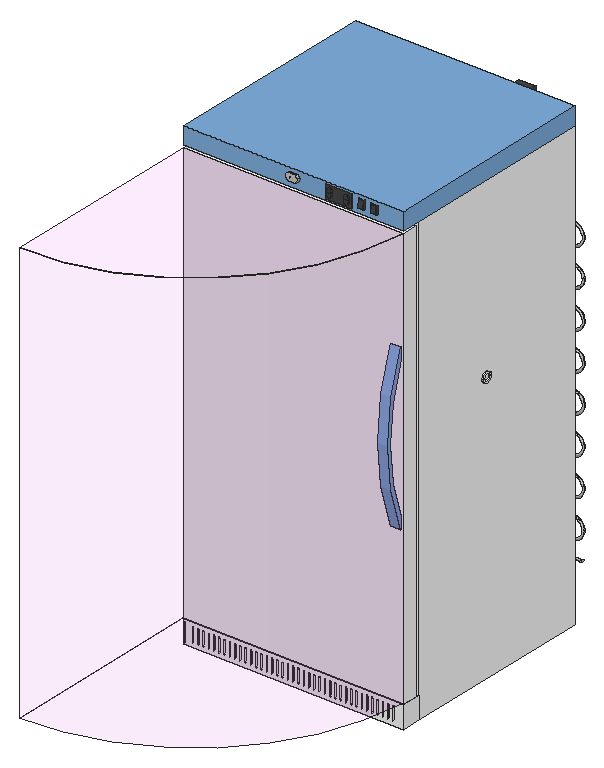
Revit family "QF_Summit_ARS8PV_Pharma_Vac_All_Refrigerator", category Specialty Equipment, Revit 2020
Family settings
  Round Connector Dimension = Use Diameter
  Part Type = Normal
  Work Plane-Based = No
  Always vertical = Yes
  Cut with Voids When Loaded = No
  Shared = No
  Room Calculation Point = No
Parameters
  Weight in Pounds = 161
  Watts = if(Phase = 3, Volts * FL Amps * 1.73, Volts * FL Amps)  # 161 W
  Volts = 115 V
  Ventilation Remarks = ""
  URL Cutsheet = ""
  Specification by User = ""
  Specification by Manufacturer = ""
  Show RHD [instance] = yes
  Show LHD [instance] = not(Show RHD)  # no
  Show Clearance [instance] = yes
  Serial Number = ""
  Seismic Rating = ""
  SMACNA No = ""
  Revision Code = ""
  Refrigerant Volume = 0.00 kip
  Refrigerant Type = "R600a"
  Phase = 1
  Number of Poles = 1
  NAFEM Spec ID Number = ""
  Model = "ARS8PV"
  Min Ckt Ampacity = 0 A
  Max Overcurrent Protection = 0 A
  Masterspec = ""
  Manufacturer = "Summit"
  Length = 23 3/8"
  Item Number = ""
  Installed By = ""
  Identify Quantity as Lot = yes
  Height = 50"
  HP = ""
  Furnished By = ""
  Foodservice Equipment Identifier = yes
  FL Amps = 1.4 A
  Electrical Remarks = ""
  Electric Connection Type = ""
  Elec Conn RI Height = 0"
  Elec Conn Connection Height = 0"
  Description = "Pharma-Vac All-Refrigerator"
  Depth = 24 3/8"
  Default Elevation = 0"
  Cycle = 60 Hz
  Conn Plug = ""
  Conn Conduit = yes
  CSI MasterFormat = ""
  Base Height [instance] = 1/2"
  BTUH = 0.0 Btu/h
  Apparent Power = if(Phase = 3, Volts * FL Amps * 1.73, Volts * FL Amps)  # 161 VA
Reference planes (in)
  plane 1 "BACK": y = 0
  plane 2: z = 0
  plane 3 "LEFT": x = 0
  plane 4 "RIGHT": x = 23.375
  plane 5 "FRONT": y = -24.375
  plane 6 "TOP": z = 50
  plane 7 "Center Y": x = 11.6875
  plane 8 "Center X": y = -12.1875
  plane 9 "Base Height": z = 0.5
  plane 10: y = -46.5
  plane 11: z = 48.125
  plane 12: y = -1.5
  plane 13: y = -22.25
  plane 14: y = -26.125
  plane 15: z = 38
  plane 16: x = 0.2118
  plane 17: x = 23.07085
Forms (in)
  Extrusion 1, solid, material "QF_Plastic_White_Smooth"
    sketch origin (0, 0, 0.5) x (-1, 0, 0) y (0, -1, 0)
      loop
        line (0, 1.5) -> (0, 22.25) -> (-23.375, 22.25) -> (-23.375, 1.5) -> (0, 1.5)
    from 0 to 47.625
  Extrusion 2, solid, material "QF_Plastic_Light_Blue_Smooth"
    sketch origin (0, 0, 48.125) x (-1, 0, 0) y (0, -1, 0)
      loop
        line (0, 1.5) -> (0, 24.375) -> (-23.375, 24.375) -> (-23.375, 1.5) -> (0, 1.5)
    from 0 to 1.875
  Extrusion 3, solid, material "QF_Rubber - Black - Smooth"
    sketch origin (23.375, -22.25, 0.5) x (-1, 0, 0) y (0, 0, -1)
      loop
        line (0.5, -46.625) -> (22.875, -46.625) -> (22.875, -3) -> (0.5, -3) -> (0.5, -46.625)
    from 0 to 0.5
  Extrusion 4, solid, material "QF_Plastic_White_Smooth"
    sketch origin (23.375, -22.75, 0.5) x (-1, 0, 0) y (0, 0, -1)
      loop
        line (0, -47.375) -> (23.375, -47.375) -> (23.375, -2.5) -> (0, -2.5) -> (0, -47.375)
    from 0 to 1.625
  Extrusion 5, solid, material "QF_Rubber - Black - Smooth"
    sketch origin (0, -1.5, 0.5) x (1, 0, 0) y (0, 0, -1)
      loop
        circle (20.85407, -2.95918) r 0.25
    from 0 to 0.0625
  Revolve 6, solid, material "QF_Rubber - Black - Smooth"
    sketch origin (0, -3, 0) x (1, 0, 0) y (0, 0, 1)
      loop
        line (21.875, 0.5) -> (21.59375, 0.5) -> (21.59375, 0.375) -> (21.125, 0.375) -> (21.125, 0) -> (21.875, 0) -> (21.875, 0.5)
      axis (21.875, 0) -> (21.875, 0.5)
    angle from 0 to 360
  Revolve 7, solid, material "QF_Rubber - Black - Smooth"
    sketch origin (-14.5, -3, 0) x (1, 0, 0) y (0, 0, 1)
      loop
        line (16, 0.5) -> (15.71875, 0.5) -> (15.71875, 0.375) -> (15.25, 0.375) -> (15.25, 0) -> (16, 0) -> (16, 0.5)
      axis (16, 0) -> (16, 0.5)
    angle from 0 to 360
  Revolve 8, solid, material "QF_Rubber - Black - Smooth"
    sketch origin (0, -20.75, 0) x (1, 0, 0) y (0, 0, 1)
      loop
        line (21.875, 0.5) -> (21.59375, 0.5) -> (21.59375, 0.375) -> (21.125, 0.375) -> (21.125, 0) -> (21.875, 0) -> (21.875, 0.5)
      axis (21.875, 0) -> (21.875, 0.5)
    angle from 0 to 360
  Revolve 9, solid, material "QF_Rubber - Black - Smooth"
    sketch origin (-14.5, -20.75, 0) x (1, 0, 0) y (0, 0, 1)
      loop
        line (16, 0.5) -> (15.71875, 0.5) -> (15.71875, 0.375) -> (15.25, 0.375) -> (15.25, 0) -> (16, 0) -> (16, 0.5)
      axis (16, 0) -> (16, 0.5)
    angle from 0 to 360
  Extrusion 10, solid, material "QF_Metal_Black"
    sketch origin (23.375, -24.375, 48.125) x (-1, 0, 0) y (0, 0, -1)
      loop
        line (8.25, -1.625) -> (8.25, -0.25) -> (5.49196, -0.25) -> (5.49196, -1.625) -> (8.25, -1.625)
      loop
        line (4.75, -1.5) -> (4.75, -0.625) -> (4.125, -0.625) -> (4.125, -1.5) -> (4.75, -1.5)
      loop
        line (3.375, -0.625) -> (2.75, -0.625) -> (2.75, -1.5) -> (3.375, -1.5) -> (3.375, -0.625)
    from 0 to 0.0625
  Extrusion 11, solid, material "QF_Metal_Black"
    sketch origin (23.375, -24.4375, 48.125) x (-1, 0, 0) y (0, 0, -1)
      loop
        line (7.52932, -1.00134) -> (7.52932, -1.17236)
        arc (7.52932, -1.17236) -> (7.77932, -1.42236) -> (8.02932, -1.17236) r 0.25
        line (8.02932, -1.17236) -> (8.02932, -1.00134) -> (7.52932, -1.00134)
      loop
        line (6.21264, -1.00134) -> (5.71264, -1.00134) -> (5.71264, -1.17236)
        arc (5.71264, -1.17236) -> (5.96264, -1.42236) -> (6.21264, -1.17236) r 0.25
        line (6.21264, -1.17236) -> (6.21264, -1.00134)
    from 0 to 0.125
  Extrusion 12, solid, material "QF_Metal_Black"
    sketch origin (23.375, -24.4375, 48.125) x (-1, 0, 0) y (0, 0, -1)
      loop
        line (8.02932, -0.97188) -> (8.02932, -0.80086)
        arc (8.02932, -0.80086) -> (7.77932, -0.55086) -> (7.52932, -0.80086) r 0.25
        line (7.52932, -0.80086) -> (7.52932, -0.97188) -> (8.02932, -0.97188)
      loop
        line (6.21264, -0.97188) -> (6.21264, -0.80086)
        arc (6.21264, -0.80086) -> (5.96264, -0.55086) -> (5.71264, -0.80086) r 0.25
        line (5.71264, -0.80086) -> (5.71264, -0.97188) -> (6.21264, -0.97188)
    from 0 to 0.125
  Extrusion 13, solid, material "QF_Metal_Black"
    sketch origin (19.25, -24.375, 49.625) x (0, 0, -1) y (0, 1, 0)
      loop
        line (0.0625, -0.0625) -> (0.0625, -0.09634) -> (0.8125, -0.21513) -> (0.8125, -0.0625) -> (0.0625, -0.0625)
    from -0.5625 to -0.0625
  Extrusion 14, solid, material "QF_Metal_Black"
    sketch origin (20.625, -24.375, 49.625) x (0, 0, -1) y (0, 1, 0)
      loop
        line (0.0625, -0.09634) -> (0.8125, -0.21513) -> (0.8125, -0.0625) -> (0.0625, -0.0625) -> (0.0625, -0.09634)
    from -0.5625 to -0.0625
  Extrusion 15, solid, material "QF_Metal - Stainless - Polished"
    sketch origin (20.90447, -24.375, 48.125) x (-1, 0, 0) y (0, 0, -1)
      loop
        arc (8.96647, -0.71354) -> (8.59147, -1.08854) -> (8.96647, -1.46354) r 0.375
        line (8.96647, -1.46354) -> (9.46647, -1.46354)
        arc (9.46647, -1.46354) -> (9.84147, -1.08854) -> (9.46647, -0.71354) r 0.375
        line (9.46647, -0.71354) -> (8.96647, -0.71354)
      loop
        line (9.4034, -1.10322) -> (9.4034, -1.06436) -> (9.03054, -1.06436) -> (9.03054, -1.10322) -> (9.4034, -1.10322)
    from 0 to 0.25
  Extrusion 16, solid, material "QF_Metal_Stainless_Polished"
    sketch origin (-1.2283, -1.5, 0.5) x (1, 0, 0) y (0, 0, -1)
      loop
        circle (22.78573, -36.99931) r 0.25
      loop
        circle (3.11294, -36.99931) r 0.25
      loop
        circle (22.78573, -24.99931) r 0.25
      loop
        circle (3.11294, -24.99931) r 0.25
      loop
        circle (22.78573, -6.74931) r 0.25
      loop
        circle (3.11294, -6.74931) r 0.25
    from 0 to 1.5
  Sweep 17, solid, material "QF_Metal_Stainless_Polished"
    path origin (-0.125, 0, 0) x (1, 0, 0) y (0, 0, 1)
      loop
        line (0.32085, 37.76475) -> (22.17976, 37.76475)
        arc (22.17976, 37.76475) -> (23.17976, 36.76475) -> (22.17976, 35.76475) r 1
        line (22.17976, 35.76475) -> (1.34954, 35.76475)
        arc (1.34954, 35.76475) -> (0.34954, 34.76475) -> (1.34954, 33.76475) r 1
        line (1.34954, 33.76475) -> (22.17776, 33.76475)
        arc (22.17776, 33.76475) -> (23.17776, 32.76475) -> (22.17776, 31.76475) r 1
        line (22.17776, 31.76475) -> (1.39695, 31.76475)
        arc (1.39695, 31.76475) -> (0.39695, 30.76475) -> (1.39695, 29.76475) r 1
        line (1.39695, 29.76475) -> (22.19585, 29.76475)
        arc (22.19585, 29.76475) -> (23.19585, 28.76475) -> (22.19585, 27.76475) r 1
        line (22.19585, 27.76475) -> (1.3368, 27.76475)
        arc (1.3368, 27.76475) -> (0.3368, 26.76475) -> (1.3368, 25.76475) r 1
        line (1.3368, 25.76475) -> (22.19548, 25.76475)
        arc (22.19548, 25.76475) -> (23.19548, 24.76475) -> (22.19548, 23.76475) r 1
        line (22.19548, 23.76475) -> (1.33704, 23.76475)
        arc (1.33704, 23.76475) -> (0.33704, 22.76475) -> (1.33704, 21.76475) r 1
        line (1.33704, 21.76475) -> (22.19629, 21.76475)
        arc (22.19629, 21.76475) -> (23.19629, 20.76475) -> (22.19629, 19.76475) r 1
        line (22.19629, 19.76475) -> (1.33589, 19.76475)
        arc (1.33589, 19.76475) -> (0.33589, 18.76475) -> (1.33589, 17.76475) r 1
        line (1.33589, 17.76475) -> (22.1852, 17.76475)
        arc (22.1852, 17.76475) -> (23.1852, 16.76475) -> (22.1852, 15.76475) r 1
        line (22.1852, 15.76475) -> (1.33204, 15.76475)
        arc (1.33204, 15.76475) -> (0.33204, 14.76475) -> (1.33204, 13.76475) r 1
        line (1.33204, 13.76475) -> (22.17917, 13.76475)
        arc (22.17917, 13.76475) -> (23.17917, 12.76475) -> (22.17917, 11.76475) r 1
        line (22.17917, 11.76475) -> (1.3323, 11.76475)
        arc (1.3323, 11.76475) -> (0.3323, 10.76475) -> (1.3323, 9.76475) r 1
        line (1.3323, 9.76475) -> (22.16184, 9.76475)
        arc (22.16184, 9.76475) -> (23.16184, 8.76475) -> (22.16184, 7.76475) r 1
        line (22.16184, 7.76475) -> (1.36686, 7.76475)
        arc (1.36686, 7.76475) -> (0.36686, 6.76475) -> (1.36686, 5.76475) r 1
        line (1.36686, 5.76475) -> (23.19494, 5.76475)
    profile origin (11.6714, 0, 29.76475) x (0, 0, 1) y (0, -1, 0)
      loop
        circle (0.09375, 0.09375) r 0.09375
  Extrusion 18, solid, material "QF_Plastic_White_Smooth"
    sketch origin (23.375, 4.67912, -15.94653) x (0, -1, 0) y (0, 0, -1)
      loop
        circle (18.17912, -45.44653) r 0.5
      loop
        circle (18.17912, -45.44653) r 0.40625
    from 0 to 0.25
  Extrusion 19, solid, material "QF_Metal_Black"
    sketch origin (0, -1.5, 48.125) x (1, 0, 0) y (0, 0, -1)
      loop
        line (18.375, -1.625) -> (18.375, -0.25) -> (16.625, -0.25) -> (16.625, -1.625) -> (18.375, -1.625)
    from 0 to 0.96936
  Extrusion 20, solid, material "QF_Clearances_Door_Drawer", visible <- "Show LHD"
    sketch origin (0, 0, 0.5) x (-1, 0, 0) y (0, -1, 0)
      loop
        arc (0.00218, 24.375) -> (-7.35816, 39.93424) -> (-23.375, 46.23701) r 23.3767
        line (-23.375, 46.23701) -> (-23.375, 24.375) -> (0.00218, 24.375)
    from 2.5 to 47.375
  Extrusion 21, solid, material "QF_Plastic_White_Smooth"
    sketch origin (23.375, -22.25, 0.5) x (-1, 0, 0) y (0, 0, -1)
      loop
        line (23.375, -2.375) -> (23.375, 0) -> (0, 0) -> (0, -2.375) -> (23.375, -2.375)
      loop
        line (23.3125, -0.0625) -> (0.0625, -0.0625) -> (0.0625, -2.3125) -> (23.3125, -2.3125) -> (23.3125, -0.0625)
    from 0 to 2.125
  Extrusion 22, solid, material "QF_Plastic_White_Smooth"
    sketch origin (23.375, -24.375, 0.5) x (-1, 0, 0) y (0, 0, -1)
      loop
        line (23.375, 0) -> (0, 0) -> (0, -2.375) -> (23.375, -2.375) -> (23.375, 0)
      loop
        arc (22.28125, -1.90625) -> (22.375, -2) -> (22.46875, -1.90625) r 0.09375
        line (22.46875, -1.90625) -> (22.46875, -0.59375)
        arc (22.46875, -0.59375) -> (22.375, -0.5) -> (22.28125, -0.59375) r 0.09375
        line (22.28125, -0.59375) -> (22.28125, -1.90625)
      loop
        arc (21.71875, -1.90625) -> (21.8125, -2) -> (21.90625, -1.90625) r 0.09375
        line (21.90625, -1.90625) -> (21.90625, -0.59375)
        arc (21.90625, -0.59375) -> (21.8125, -0.5) -> (21.71875, -0.59375) r 0.09375
        line (21.71875, -0.59375) -> (21.71875, -1.90625)
      loop
        arc (21.15625, -1.90625) -> (21.25, -2) -> (21.34375, -1.90625) r 0.09375
        line (21.34375, -1.90625) -> (21.34375, -0.59375)
        arc (21.34375, -0.59375) -> (21.25, -0.5) -> (21.15625, -0.59375) r 0.09375
        line (21.15625, -0.59375) -> (21.15625, -1.90625)
      loop
        arc (20.59375, -1.90625) -> (20.6875, -2) -> (20.78125, -1.90625) r 0.09375
        line (20.78125, -1.90625) -> (20.78125, -0.59375)
        arc (20.78125, -0.59375) -> (20.6875, -0.5) -> (20.59375, -0.59375) r 0.09375
        line (20.59375, -0.59375) -> (20.59375, -1.90625)
      loop
        arc (20.03125, -1.90625) -> (20.125, -2) -> (20.21875, -1.90625) r 0.09375
        line (20.21875, -1.90625) -> (20.21875, -0.59375)
        arc (20.21875, -0.59375) -> (20.125, -0.5) -> (20.03125, -0.59375) r 0.09375
        line (20.03125, -0.59375) -> (20.03125, -1.90625)
      loop
        arc (19.46875, -1.90625) -> (19.5625, -2) -> (19.65625, -1.90625) r 0.09375
        line (19.65625, -1.90625) -> (19.65625, -0.59375)
        arc (19.65625, -0.59375) -> (19.5625, -0.5) -> (19.46875, -0.59375) r 0.09375
        line (19.46875, -0.59375) -> (19.46875, -1.90625)
      loop
        arc (18.90625, -1.90625) -> (19, -2) -> (19.09375, -1.90625) r 0.09375
        line (19.09375, -1.90625) -> (19.09375, -0.59375)
        arc (19.09375, -0.59375) -> (19, -0.5) -> (18.90625, -0.59375) r 0.09375
        line (18.90625, -0.59375) -> (18.90625, -1.90625)
      loop
        arc (18.34375, -1.90625) -> (18.4375, -2) -> (18.53125, -1.90625) r 0.09375
        line (18.53125, -1.90625) -> (18.53125, -0.59375)
        arc (18.53125, -0.59375) -> (18.4375, -0.5) -> (18.34375, -0.59375) r 0.09375
        line (18.34375, -0.59375) -> (18.34375, -1.90625)
      loop
        arc (17.78125, -1.90625) -> (17.875, -2) -> (17.96875, -1.90625) r 0.09375
        line (17.96875, -1.90625) -> (17.96875, -0.59375)
        arc (17.96875, -0.59375) -> (17.875, -0.5) -> (17.78125, -0.59375) r 0.09375
        line (17.78125, -0.59375) -> (17.78125, -1.90625)
      loop
        arc (17.21875, -1.90625) -> (17.3125, -2) -> (17.40625, -1.90625) r 0.09375
        line (17.40625, -1.90625) -> (17.40625, -0.59375)
        arc (17.40625, -0.59375) -> (17.3125, -0.5) -> (17.21875, -0.59375) r 0.09375
        line (17.21875, -0.59375) -> (17.21875, -1.90625)
      loop
        arc (16.65625, -1.90625) -> (16.75, -2) -> (16.84375, -1.90625) r 0.09375
        line (16.84375, -1.90625) -> (16.84375, -0.59375)
        arc (16.84375, -0.59375) -> (16.75, -0.5) -> (16.65625, -0.59375) r 0.09375
        line (16.65625, -0.59375) -> (16.65625, -1.90625)
      loop
        arc (16.09375, -1.90625) -> (16.1875, -2) -> (16.28125, -1.90625) r 0.09375
        line (16.28125, -1.90625) -> (16.28125, -0.59375)
        arc (16.28125, -0.59375) -> (16.1875, -0.5) -> (16.09375, -0.59375) r 0.09375
        line (16.09375, -0.59375) -> (16.09375, -1.90625)
      loop
        arc (15.53125, -1.90625) -> (15.625, -2) -> (15.71875, -1.90625) r 0.09375
        line (15.71875, -1.90625) -> (15.71875, -0.59375)
        arc (15.71875, -0.59375) -> (15.625, -0.5) -> (15.53125, -0.59375) r 0.09375
        line (15.53125, -0.59375) -> (15.53125, -1.90625)
      loop
        arc (14.96875, -1.90625) -> (15.0625, -2) -> (15.15625, -1.90625) r 0.09375
        line (15.15625, -1.90625) -> (15.15625, -0.59375)
        arc (15.15625, -0.59375) -> (15.0625, -0.5) -> (14.96875, -0.59375) r 0.09375
        line (14.96875, -0.59375) -> (14.96875, -1.90625)
      loop
        arc (14.40625, -1.90625) -> (14.5, -2) -> (14.59375, -1.90625) r 0.09375
        line (14.59375, -1.90625) -> (14.59375, -0.59375)
        arc (14.59375, -0.59375) -> (14.5, -0.5) -> (14.40625, -0.59375) r 0.09375
        line (14.40625, -0.59375) -> (14.40625, -1.90625)
      loop
        arc (13.84375, -1.90625) -> (13.9375, -2) -> (14.03125, -1.90625) r 0.09375
        line (14.03125, -1.90625) -> (14.03125, -0.59375)
        arc (14.03125, -0.59375) -> (13.9375, -0.5) -> (13.84375, -0.59375) r 0.09375
        line (13.84375, -0.59375) -> (13.84375, -1.90625)
      loop
        arc (13.28125, -1.90625) -> (13.375, -2) -> (13.46875, -1.90625) r 0.09375
        line (13.46875, -1.90625) -> (13.46875, -0.59375)
        arc (13.46875, -0.59375) -> (13.375, -0.5) -> (13.28125, -0.59375) r 0.09375
        line (13.28125, -0.59375) -> (13.28125, -1.90625)
      loop
        arc (12.71875, -1.90625) -> (12.8125, -2) -> (12.90625, -1.90625) r 0.09375
        line (12.90625, -1.90625) -> (12.90625, -0.59375)
        arc (12.90625, -0.59375) -> (12.8125, -0.5) -> (12.71875, -0.59375) r 0.09375
        line (12.71875, -0.59375) -> (12.71875, -1.90625)
      loop
        arc (12.15625, -1.90625) -> (12.25, -2) -> (12.34375, -1.90625) r 0.09375
        line (12.34375, -1.90625) -> (12.34375, -0.59375)
        arc (12.34375, -0.59375) -> (12.25, -0.5) -> (12.15625, -0.59375) r 0.09375
        line (12.15625, -0.59375) -> (12.15625, -1.90625)
      loop
        arc (11.59375, -1.90625) -> (11.6875, -2) -> (11.78125, -1.90625) r 0.09375
        line (11.78125, -1.90625) -> (11.78125, -0.59375)
        arc (11.78125, -0.59375) -> (11.6875, -0.5) -> (11.59375, -0.59375) r 0.09375
        line (11.59375, -0.59375) -> (11.59375, -1.90625)
      loop
        arc (11.03125, -1.90625) -> (11.125, -2) -> (11.21875, -1.90625) r 0.09375
        line (11.21875, -1.90625) -> (11.21875, -0.59375)
        arc (11.21875, -0.59375) -> (11.125, -0.5) -> (11.03125, -0.59375) r 0.09375
        line (11.03125, -0.59375) -> (11.03125, -1.90625)
      loop
        arc (10.46875, -1.90625) -> (10.5625, -2) -> (10.65625, -1.90625) r 0.09375
        line (10.65625, -1.90625) -> (10.65625, -0.59375)
        arc (10.65625, -0.59375) -> (10.5625, -0.5) -> (10.46875, -0.59375) r 0.09375
        line (10.46875, -0.59375) -> (10.46875, -1.90625)
      loop
        arc (9.90625, -1.90625) -> (10, -2) -> (10.09375, -1.90625) r 0.09375
        line (10.09375, -1.90625) -> (10.09375, -0.59375)
        arc (10.09375, -0.59375) -> (10, -0.5) -> (9.90625, -0.59375) r 0.09375
        line (9.90625, -0.59375) -> (9.90625, -1.90625)
      loop
        arc (9.34375, -1.90625) -> (9.4375, -2) -> (9.53125, -1.90625) r 0.09375
        line (9.53125, -1.90625) -> (9.53125, -0.59375)
        arc (9.53125, -0.59375) -> (9.4375, -0.5) -> (9.34375, -0.59375) r 0.09375
        line (9.34375, -0.59375) -> (9.34375, -1.90625)
      loop
        arc (8.78125, -1.90625) -> (8.875, -2) -> (8.96875, -1.90625) r 0.09375
        line (8.96875, -1.90625) -> (8.96875, -0.59375)
        arc (8.96875, -0.59375) -> (8.875, -0.5) -> (8.78125, -0.59375) r 0.09375
        line (8.78125, -0.59375) -> (8.78125, -1.90625)
      loop
        arc (8.21875, -1.90625) -> (8.3125, -2) -> (8.40625, -1.90625) r 0.09375
        line (8.40625, -1.90625) -> (8.40625, -0.59375)
        arc (8.40625, -0.59375) -> (8.3125, -0.5) -> (8.21875, -0.59375) r 0.09375
        line (8.21875, -0.59375) -> (8.21875, -1.90625)
      loop
        arc (7.65625, -1.90625) -> (7.75, -2) -> (7.84375, -1.90625) r 0.09375
        line (7.84375, -1.90625) -> (7.84375, -0.59375)
        arc (7.84375, -0.59375) -> (7.75, -0.5) -> (7.65625, -0.59375) r 0.09375
        line (7.65625, -0.59375) -> (7.65625, -1.90625)
      loop
        arc (7.09375, -1.90625) -> (7.1875, -2) -> (7.28125, -1.90625) r 0.09375
        line (7.28125, -1.90625) -> (7.28125, -0.59375)
        arc (7.28125, -0.59375) -> (7.1875, -0.5) -> (7.09375, -0.59375) r 0.09375
        line (7.09375, -0.59375) -> (7.09375, -1.90625)
      loop
        arc (6.53125, -1.90625) -> (6.625, -2) -> (6.71875, -1.90625) r 0.09375
        line (6.71875, -1.90625) -> (6.71875, -0.59375)
        arc (6.71875, -0.59375) -> (6.625, -0.5) -> (6.53125, -0.59375) r 0.09375
        line (6.53125, -0.59375) -> (6.53125, -1.90625)
      loop
        arc (5.96875, -1.90625) -> (6.0625, -2) -> (6.15625, -1.90625) r 0.09375
        line (6.15625, -1.90625) -> (6.15625, -0.59375)
        arc (6.15625, -0.59375) -> (6.0625, -0.5) -> (5.96875, -0.59375) r 0.09375
        line (5.96875, -0.59375) -> (5.96875, -1.90625)
      loop
        arc (5.40625, -1.90625) -> (5.5, -2) -> (5.59375, -1.90625) r 0.09375
        line (5.59375, -1.90625) -> (5.59375, -0.59375)
        arc (5.59375, -0.59375) -> (5.5, -0.5) -> (5.40625, -0.59375) r 0.09375
        line (5.40625, -0.59375) -> (5.40625, -1.90625)
      loop
        arc (4.84375, -1.90625) -> (4.9375, -2) -> (5.03125, -1.90625) r 0.09375
        line (5.03125, -1.90625) -> (5.03125, -0.59375)
        arc (5.03125, -0.59375) -> (4.9375, -0.5) -> (4.84375, -0.59375) r 0.09375
        line (4.84375, -0.59375) -> (4.84375, -1.90625)
      loop
        arc (4.28125, -1.90625) -> (4.375, -2) -> (4.46875, -1.90625) r 0.09375
        line (4.46875, -1.90625) -> (4.46875, -0.59375)
        arc (4.46875, -0.59375) -> (4.375, -0.5) -> (4.28125, -0.59375) r 0.09375
        line (4.28125, -0.59375) -> (4.28125, -1.90625)
      loop
        arc (3.71875, -1.90625) -> (3.8125, -2) -> (3.90625, -1.90625) r 0.09375
        line (3.90625, -1.90625) -> (3.90625, -0.59375)
        arc (3.90625, -0.59375) -> (3.8125, -0.5) -> (3.71875, -0.59375) r 0.09375
        line (3.71875, -0.59375) -> (3.71875, -1.90625)
      loop
        arc (3.15625, -1.90625) -> (3.25, -2) -> (3.34375, -1.90625) r 0.09375
        line (3.34375, -1.90625) -> (3.34375, -0.59375)
        arc (3.34375, -0.59375) -> (3.25, -0.5) -> (3.15625, -0.59375) r 0.09375
        line (3.15625, -0.59375) -> (3.15625, -1.90625)
      loop
        arc (2.59375, -1.90625) -> (2.6875, -2) -> (2.78125, -1.90625) r 0.09375
        line (2.78125, -1.90625) -> (2.78125, -0.59375)
        arc (2.78125, -0.59375) -> (2.6875, -0.5) -> (2.59375, -0.59375) r 0.09375
        line (2.59375, -0.59375) -> (2.59375, -1.90625)
      loop
        arc (2.03125, -1.90625) -> (2.125, -2) -> (2.21875, -1.90625) r 0.09375
        line (2.21875, -1.90625) -> (2.21875, -0.59375)
        arc (2.21875, -0.59375) -> (2.125, -0.5) -> (2.03125, -0.59375) r 0.09375
        line (2.03125, -0.59375) -> (2.03125, -1.90625)
      loop
        arc (1.46875, -1.90625) -> (1.5625, -2) -> (1.65625, -1.90625) r 0.09375
        line (1.65625, -1.90625) -> (1.65625, -0.59375)
        arc (1.65625, -0.59375) -> (1.5625, -0.5) -> (1.46875, -0.59375) r 0.09375
        line (1.46875, -0.59375) -> (1.46875, -1.90625)
      loop
        arc (0.90625, -1.90625) -> (1, -2) -> (1.09375, -1.90625) r 0.09375
        line (1.09375, -1.90625) -> (1.09375, -0.59375)
        arc (1.09375, -0.59375) -> (1, -0.5) -> (0.90625, -0.59375) r 0.09375
        line (0.90625, -0.59375) -> (0.90625, -1.90625)
    from 0 to -0.0625
  Extrusion 23, solid, material "QF_Plastic_Light_Blue_Smooth", visible <- "Show LHD"
    sketch origin (0, 0, 0) x (0, 1, 0) y (0, 0, 1)
      loop
        arc (-24.375, 37) -> (-26.12501, 28.25) -> (-24.375, 19.5) r 22.74992
        line (-24.375, 19.5) -> (-24.375, 20.75)
        arc (-24.375, 20.75) -> (-25.84013, 28.25) -> (-24.375, 35.75) r 19.92888
        line (-24.375, 35.75) -> (-24.375, 37)
    from 0.24196 to 1.36696
  Extrusion 24, solid, material "QF_Clearances_Door_Drawer", visible <- "Show RHD"
    sketch origin (23.375, 0, 0.5) x (1, 0, 0) y (0, 1, 0)
      loop
        line (0.00218, -24.375) -> (-23.375, -24.375) -> (-23.375, -46.23701)
        arc (-23.375, -46.23701) -> (-7.35816, -39.93424) -> (0.00218, -24.375) r 23.3767
    from 2.5 to 47.375
  Extrusion 25, solid, material "QF_Plastic_Light_Blue_Smooth", visible <- "Show RHD"
    sketch origin (23.375, 0, 0) x (0, 1, 0) y (0, 0, -1)
      loop
        line (-24.375, -37) -> (-24.375, -35.75)
        arc (-24.375, -35.75) -> (-25.84013, -28.25) -> (-24.375, -20.75) r 19.92888
        line (-24.375, -20.75) -> (-24.375, -19.5)
        arc (-24.375, -19.5) -> (-26.12501, -28.25) -> (-24.375, -37) r 22.74992
    from 0.24196 to 1.36696
Cuts and joins
  joined: Extrusion 21, Extrusion 22
Lines and regions (in)
  Split face 1
    outline origin (22.75384, -24.375, 48.2666) x (-1, 0, 0) y (0, 0, -1)
      loop
        arc (21.90161, -0.97896) -> (21.88294, -0.98485) -> (21.87102, -1.00038) r 0.03255
        arc (21.87102, -1.00038) -> (21.85282, -1.02895) -> (21.82424, -1.04716) r 0.07828
        arc (21.82424, -1.04716) -> (21.78646, -1.05382) -> (21.74867, -1.04716) r 0.11047
        arc (21.74867, -1.04716) -> (21.71253, -0.99554) -> (21.74867, -0.94392) r 0.05493
        arc (21.74867, -0.94392) -> (21.80204, -0.92912) -> (21.85706, -0.92285) r 0.35291
        arc (21.85706, -0.92285) -> (21.92454, -0.90912) -> (21.98388, -0.87416) r 0.20863
        arc (21.98388, -0.87416) -> (22.01258, -0.78679) -> (21.98388, -0.69942) r 0.14738
        arc (21.98388, -0.69942) -> (21.93591, -0.66081) -> (21.87512, -0.65099) r 0.12037
        arc (21.87512, -0.65099) -> (21.8027, -0.65589) -> (21.73646, -0.68556) r 0.20635
        arc (21.73646, -0.68556) -> (21.72016, -0.6915) -> (21.70385, -0.68556) r 0.02536
        line (21.70385, -0.68556) -> (21.67733, -0.66331) -> (21.61422, -0.66331)
        arc (21.61422, -0.66331) -> (21.59448, -0.66599) -> (21.57973, -0.67939) r 0.03358
        line (21.57973, -0.67939) -> (21.5891, -0.746) -> (21.5891, -1.0209)
        arc (21.5891, -1.0209) -> (21.61527, -1.079) -> (21.66917, -1.11299) r 0.11051
        arc (21.66917, -1.11299) -> (21.73106, -1.12586) -> (21.7941, -1.13053) r 0.48335
        arc (21.7941, -1.13053) -> (21.84319, -1.12688) -> (21.89101, -1.11517) r 0.29737
        arc (21.89101, -1.11517) -> (21.93423, -1.09385) -> (21.97019, -1.06177) r 0.17873
        line (21.97019, -1.06177) -> (21.99501, -1.00602)
        arc (21.99501, -1.00602) -> (21.99348, -0.98759) -> (21.97713, -0.97896) r 0.01924
        line (21.97713, -0.97896) -> (21.90161, -0.97896)
  Split face 2
    outline origin (23.22273, -24.375, 48.25847) x (-1, 0, 0) y (0, 0, -1)
      loop
        arc (22.21736, -0.87416) -> (22.28071, -0.86077) -> (22.34154, -0.83856) r 0.45683
        arc (22.34154, -0.83856) -> (22.35686, -0.79626) -> (22.34154, -0.75396) r 0.06604
        arc (22.34154, -0.75396) -> (22.27916, -0.73587) -> (22.21678, -0.75396) r 0.11662
        arc (22.21678, -0.75396) -> (22.18529, -0.7904) -> (22.17928, -0.83817) r 0.08315
        arc (22.17928, -0.83817) -> (22.18981, -0.86358) -> (22.21521, -0.8741) r 0.03593
  Split face 3
    outline origin (22.71181, -24.375, 48.26459) x (-1, 0, 0) y (0, 0, -1)
      loop
        arc (21.03457, -0.96137) -> (21.027, -0.97738) -> (21.02763, -0.99508) r 0.03748
        arc (21.02763, -0.99508) -> (21.05705, -1.0545) -> (21.10606, -1.09917) r 0.17938
        arc (21.10606, -1.09917) -> (21.37596, -1.08431) -> (21.45567, -0.82603) r 0.23652
        arc (21.45567, -0.82603) -> (21.42228, -0.74133) -> (21.35202, -0.68343) r 0.18179
        arc (21.35202, -0.68343) -> (21.2757, -0.65499) -> (21.19425, -0.65562) r 0.22467
        arc (21.19425, -0.65562) -> (21.12428, -0.67338) -> (21.06878, -0.71955) r 0.16353
        arc (21.06878, -0.71955) -> (21.0417, -0.76165) -> (21.02194, -0.80764) r 0.30233
        arc (21.02194, -0.80764) -> (21.02194, -0.82738) -> (21.03904, -0.83726) r 0.01975
        line (21.03904, -0.83726) -> (21.10789, -0.83726)
        arc (21.10789, -0.83726) -> (21.13444, -0.82626) -> (21.14543, -0.79971) r 0.03754
        arc (21.14543, -0.79971) -> (21.23138, -0.74974) -> (21.31734, -0.79971) r 0.09891
        arc (21.31734, -0.79971) -> (21.3421, -0.88424) -> (21.32631, -0.97089) r 0.19105
        arc (21.32631, -0.97089) -> (21.29287, -1.01396) -> (21.24299, -1.03599) r 0.11135
        arc (21.24299, -1.03599) -> (21.18839, -1.02815) -> (21.1486, -0.98995) r 0.09008
        arc (21.1486, -0.98995) -> (21.14023, -0.96974) -> (21.12002, -0.96137) r 0.02858
        line (21.12002, -0.96137) -> (21.03457, -0.96137)
  Split face 4
    outline origin (23.22015, -24.375, 48.26423) x (-1, 0, 0) y (0, 0, -1)
      loop
        arc (20.92201, -1.11804) -> (20.94124, -1.10813) -> (20.94432, -1.08671) r 0.02361
        line (20.94432, -1.08671) -> (20.94432, -0.86216)
        arc (20.94432, -0.86216) -> (20.93987, -0.77087) -> (20.89808, -0.6896) r 0.216
        arc (20.89808, -0.6896) -> (20.78405, -0.6491) -> (20.67001, -0.6896) r 0.18078
        arc (20.67001, -0.6896) -> (20.65273, -0.70072) -> (20.63804, -0.68635) r 0.01649
        arc (20.63804, -0.68635) -> (20.62935, -0.66989) -> (20.61195, -0.66331) r 0.02629
        line (20.61195, -0.66331) -> (20.54988, -0.66331)
        arc (20.54988, -0.66331) -> (20.52771, -0.67249) -> (20.51853, -0.69466) r 0.03135
        line (20.51853, -0.69466) -> (20.51853, -1.08097)
        arc (20.51853, -1.08097) -> (20.52186, -1.10626) -> (20.54449, -1.11804) r 0.02762
        line (20.54449, -1.11804) -> (20.61276, -1.11804)
        arc (20.61276, -1.11804) -> (20.63453, -1.10903) -> (20.64354, -1.08726) r 0.03079
        line (20.64354, -1.08726) -> (20.64354, -0.83664)
        arc (20.64354, -0.83664) -> (20.73207, -0.74811) -> (20.8206, -0.83664) r 0.08853
        line (20.8206, -0.83664) -> (20.8206, -1.09144)
        arc (20.8206, -1.09144) -> (20.8284, -1.11025) -> (20.84721, -1.11804) r 0.0266
        line (20.84721, -1.11804) -> (20.92201, -1.11804)
  Split face 5
    outline origin (23.21726, -24.375, 48.26712) x (-1, 0, 0) y (0, 0, -1)
      loop
        arc (20.00384, -0.96137) -> (19.99626, -0.97738) -> (19.99689, -0.99508) r 0.03748
        arc (19.99689, -0.99508) -> (20.02632, -1.0545) -> (20.07532, -1.09917) r 0.17938
        arc (20.07532, -1.09917) -> (20.34522, -1.08431) -> (20.42493, -0.82603) r 0.23652
        arc (20.42493, -0.82603) -> (20.39155, -0.74133) -> (20.32128, -0.68343) r 0.18179
        arc (20.32128, -0.68343) -> (20.24496, -0.65499) -> (20.16351, -0.65562) r 0.22467
        arc (20.16351, -0.65562) -> (20.09355, -0.67338) -> (20.03805, -0.71955) r 0.16353
        arc (20.03805, -0.71955) -> (20.01097, -0.76165) -> (19.99121, -0.80764) r 0.30233
        arc (19.99121, -0.80764) -> (19.99121, -0.82738) -> (20.00831, -0.83726) r 0.01975
        line (20.00831, -0.83726) -> (20.07715, -0.83726)
        arc (20.07715, -0.83726) -> (20.1037, -0.82626) -> (20.1147, -0.79971) r 0.03754
        arc (20.1147, -0.79971) -> (20.20065, -0.74974) -> (20.2866, -0.79971) r 0.09891
        arc (20.2866, -0.79971) -> (20.31136, -0.88424) -> (20.29557, -0.97089) r 0.19105
        arc (20.29557, -0.97089) -> (20.26213, -1.01396) -> (20.21226, -1.03599) r 0.11135
        arc (20.21226, -1.03599) -> (20.15766, -1.02815) -> (20.11787, -0.98995) r 0.09008
        arc (20.11787, -0.98995) -> (20.1095, -0.96974) -> (20.08929, -0.96137) r 0.02858
        line (20.08929, -0.96137) -> (20.00384, -0.96137)
  Split face 6
    outline origin (23.21917, -24.375, 48.00824) x (-1, 0, 0) y (0, 0, -1)
      loop
        circle (19.70195, -1.14848) r 0.26828
  Split face 7
    outline origin (22.75018, -24.375, 48.01763) x (-1, 0, 0) y (0, 0, -1)
      loop
        arc (18.91304, -1.54185) -> (18.93609, -1.5323) -> (18.94564, -1.50925) r 0.0326
        line (18.94564, -1.50925) -> (18.94564, -0.95273)
        arc (18.94564, -0.95273) -> (18.94564, -0.92645) -> (18.92288, -0.91331) r 0.02628
        line (18.92288, -0.91331) -> (18.85239, -0.91331)
        arc (18.85239, -0.91331) -> (18.83272, -0.92145) -> (18.82458, -0.94111) r 0.02781
        line (18.82458, -0.94111) -> (18.82458, -1.5099)
        arc (18.82458, -1.5099) -> (18.83394, -1.53249) -> (18.85653, -1.54185) r 0.03195
        line (18.85653, -1.54185) -> (18.91304, -1.54185)
  Split face 8
    outline origin (23.22099, -24.375, 48.26435) x (-1, 0, 0) y (0, 0, -1)
      loop
        arc (18.86437, -1.29185) -> (18.8817, -1.28247) -> (18.88861, -1.26402) r 0.0281
        line (18.88861, -1.26402) -> (18.88861, -1.0983)
        arc (18.88861, -1.0983) -> (18.89805, -1.08449) -> (18.91435, -1.08826) r 0.01483
        arc (18.91435, -1.08826) -> (19.01979, -1.13843) -> (19.13057, -1.10155) r 0.15633
        arc (19.13057, -1.10155) -> (19.22738, -0.89232) -> (19.13057, -0.68309) r 0.2745
        arc (19.13057, -0.68309) -> (19.02517, -0.6502) -> (18.91977, -0.68309) r 0.1853
        arc (18.91977, -0.68309) -> (18.9035, -0.69514) -> (18.88408, -0.68939) r 0.02268
        arc (18.88408, -0.68939) -> (18.87922, -0.67124) -> (18.8622, -0.66331) r 0.02222
        line (18.8622, -0.66331) -> (18.80112, -0.66331)
        arc (18.80112, -0.66331) -> (18.77325, -0.67485) -> (18.7617, -0.70273) r 0.03942
        line (18.7617, -0.70273) -> (18.7617, -1.2599)
        arc (18.7617, -1.2599) -> (18.77106, -1.28249) -> (18.79365, -1.29185) r 0.03195
        line (18.79365, -1.29185) -> (18.86437, -1.29185)
  Split face 9
    outline origin (23.21787, -24.375, 48.26459) x (-1, 0, 0) y (0, 0, -1)
      loop
        arc (21.03457, -0.96137) -> (21.027, -0.97738) -> (21.02763, -0.99508) r 0.03748
        arc (21.02763, -0.99508) -> (21.05705, -1.0545) -> (21.10606, -1.09917) r 0.17938
        arc (21.10606, -1.09917) -> (21.37596, -1.08431) -> (21.45567, -0.82603) r 0.23652
        arc (21.45567, -0.82603) -> (21.42228, -0.74133) -> (21.35202, -0.68343) r 0.18179
        arc (21.35202, -0.68343) -> (21.2757, -0.65499) -> (21.19425, -0.65562) r 0.22467
        arc (21.19425, -0.65562) -> (21.12428, -0.67338) -> (21.06878, -0.71955) r 0.16353
        arc (21.06878, -0.71955) -> (21.0417, -0.76165) -> (21.02194, -0.80764) r 0.30233
        arc (21.02194, -0.80764) -> (21.02194, -0.82738) -> (21.03904, -0.83726) r 0.01975
        line (21.03904, -0.83726) -> (21.10789, -0.83726)
        arc (21.10789, -0.83726) -> (21.13444, -0.82626) -> (21.14543, -0.79971) r 0.03754
        arc (21.14543, -0.79971) -> (21.23138, -0.74974) -> (21.31734, -0.79971) r 0.09891
        arc (21.31734, -0.79971) -> (21.3421, -0.88424) -> (21.32631, -0.97089) r 0.19105
        arc (21.32631, -0.97089) -> (21.29287, -1.01396) -> (21.24299, -1.03599) r 0.11135
        arc (21.24299, -1.03599) -> (21.18839, -1.02815) -> (21.1486, -0.98995) r 0.09008
        arc (21.1486, -0.98995) -> (21.14023, -0.96974) -> (21.12002, -0.96137) r 0.02858
        line (21.12002, -0.96137) -> (21.03457, -0.96137)
  Split face 10
    outline origin (20.90447, -24.625, 48.125) x (-1, 0, 0) y (0, 0, -1)
      loop
        circle (9.21647, -1.08854) r 0.18692
  Split face 11
    outline origin (23.375, -24.375, 48.125) x (-1, 0, 0) y (0, 0, -1)
      loop
        line (19.85554, -1.11085) -> (19.92343, -1.1474) -> (19.92331, -1.0759) -> (19.98771, -1.03599) -> (19.92235, -0.99829) -> (19.92235, -0.92286) -> (19.85762, -0.96442) -> (19.79271, -0.92487) -> (19.79271, -0.99721) -> (19.72719, -1.03503) -> (19.79271, -1.07557) -> (19.79271, -1.1492) -> (19.85554, -1.11085)
  Split face 12
    outline origin (23.375, -24.375, 48.125) x (-1, 0, 0) y (0, 0, -1)
      loop
        spline (19.14836, -1.17519) -> (19.17683, -1.17026) -> (19.20335, -1.15581) -> (19.22612, -1.13281) -> (19.2436, -1.10284) -> (19.25459, -1.06794) -> (19.25833, -1.03049) -> (19.25459, -0.99304) -> (19.2436, -0.95815) -> (19.22612, -0.92818) -> (19.20335, -0.90518) -> (19.17683, -0.89073) -> (19.14836, -0.8858)
        spline (19.14836, -0.8858) -> (19.1199, -0.89073) -> (19.09338, -0.90518) -> (19.0706, -0.92818) -> (19.05313, -0.95815) -> (19.04214, -0.99304) -> (19.03839, -1.03049) -> (19.04214, -1.06794) -> (19.05313, -1.10284) -> (19.0706, -1.13281) -> (19.09338, -1.15581) -> (19.1199, -1.17026) -> (19.14836, -1.17519)
  symbolic lines
    curve 1: line (0, -1.5, 0.5) -> (23.375, -1.5, 0.5)
    curve 2: line (0, -24.375, 0.5) -> (0, -1.5, 0.5)
    curve 3: line (23.375, -24.375, 0.5) -> (0, -24.375, 0.5)
    curve 4: line (23.375, -1.5, 0.5) -> (23.375, -24.375, 0.5)
    curve 5: line (16.625, -0.53064, 0.5) -> (16.625, -1.5, 0.5)
    curve 6: line (18.375, -0.53064, 0.5) -> (16.625, -0.53064, 0.5)
    curve 7: line (18.375, -1.5, 0.5) -> (18.375, -0.53064, 0.5)
    curve 8: line (1.63057, -1.5, 0.5) -> (1.63057, -0.1875, 0.5)
    curve 9: line (2.13057, -1.5, 0.5) -> (2.13057, -0.1875, 0.5)
    curve 10: line (0.28891, -0.1875, 0.5) -> (23.16776, -0.1875, 0.5)
    curve 11: line (23.16776, 0, 0.5) -> (0.28891, 0, 0.5)
    curve 12: arc (0.28891, 0, 0.5) -> (0.19516, -0.09375, 0.5) -> (0.28891, -0.1875, 0.5) r 0.09375
    curve 13: arc (23.16776, -0.1875, 0.5) -> (23.26151, -0.09375, 0.5) -> (23.16776, 0, 0.5) r 0.09375
    curve 14: line (21.31024, -0.1875, 0.5) -> (21.31024, -1.5, 0.5)
    curve 15: line (21.81024, -0.1875, 0.5) -> (21.81024, -1.5, 0.5)
    curve 16: line (23.625, -13, 0.5) -> (23.625, -14, 0.5)
    curve 17: line (23.625, -14, 0.5) -> (23.375, -14, 0.5)
    curve 18: line (23.625, -13, 0.5) -> (23.375, -13, 0.5)
    curve 22: line (11.06172, -24.375, 0.5) -> (11.06172, -24.625, 0.5)
    curve 23: line (11.06172, -24.625, 0.5) -> (12.31328, -24.625, 0.5)
    curve 24: line (12.31328, -24.625, 0.5) -> (12.31328, -24.375, 0.5)
    curve 25: line (15.125, -24.375, 0.5) -> (15.125, -24.4375, 0.5)
    curve 26: line (15.125, -24.4375, 0.5) -> (17.88304, -24.4375, 0.5)
    curve 27: line (17.88304, -24.4375, 0.5) -> (17.88304, -24.375, 0.5)
    curve 28: line (18.625, -24.375, 0.5) -> (18.625, -24.4375, 0.5)
    curve 29: line (18.625, -24.4375, 0.5) -> (19.25, -24.4375, 0.5)
    curve 30: line (19.25, -24.4375, 0.5) -> (19.25, -24.375, 0.5)
    curve 31: line (20, -24.375, 0.5) -> (20, -24.4375, 0.5)
    curve 32: line (20, -24.4375, 0.5) -> (20.625, -24.4375, 0.5)
    curve 33: line (20.625, -24.4375, 0.5) -> (20.625, -24.375, 0.5)
  symbolic lines, visible <- "Show LHD"
    curve 19: line (0.24196, -24.375, 0.5) -> (0.24196, -26.125, 0.5)
    curve 20: line (0.24196, -26.125, 0.5) -> (1.36696, -26.125, 0.5)
    curve 21: line (1.36696, -26.125, 0.5) -> (1.36696, -24.375, 0.5)
  symbolic lines, style "QF_Clearances_Door_Drawer", visible <- "Show LHD"
    curve 34: arc (-0.00218, -24.375, 0.5) -> (1.15624, -30.27645, 0.5) -> (3.78196, -35.68705, 0.5) r 23.3767
    curve 35: line (23.375, -24.375, 0.5) -> (3.78196, -35.68705, 0.5)
  symbolic lines, visible <- "Show RHD"
    curve 36: line (23.13304, -24.375, 0.5) -> (23.13304, -26.125, 0.5)
    curve 37: line (23.13304, -26.125, 0.5) -> (22.00804, -26.125, 0.5)
    curve 38: line (22.00804, -26.125, 0.5) -> (22.00804, -24.375, 0.5)
  symbolic lines, style "QF_Clearances_Door_Drawer", visible <- "Show RHD"
    curve 39: arc (23.37718, -24.375, 0.5) -> (22.21876, -30.27645, 0.5) -> (19.59304, -35.68705, 0.5) r 23.3767
    curve 40: line (0, -24.375, 0.5) -> (19.59304, -35.68705, 0.5)
Dimensions and locks (in)
  equal spacing: plane 3 "LEFT", plane 7 "Center Y", plane 4 "RIGHT"
  "Length": plane 3 "LEFT" to plane 4 "RIGHT"
  equal spacing: plane 5 "FRONT", plane 8 "Center X", plane 1 "BACK"
  "Depth": plane 5 "FRONT" to plane 1 "BACK"
  "Height": plane 6 "TOP" to level
  "Base Height": plane 9 "Base Height" to level
  plane 10 to plane 1 "BACK" = 46 1/2"
  plane 12 to plane 1 "BACK" = 1 1/2"
  plane 12 to plane 13 = 20 3/4"
  plane 14 to plane 5 "FRONT" = 1 3/4"
  plane 6 "TOP" to plane 11 = 1 7/8"
  plane 15 to plane 6 "TOP" = 12"
  aligned and locked: level to plane 2
Automatic sketch dimensions
  plane 5 "FRONT" to curve 39 = 0"
  curve 18 to plane 4 "RIGHT" = 0"
  plane 1 "BACK" to curve 11 = 0"
  plane 14 to curve 36 = 0"
  plane 5 "FRONT" to curve 36 = 0"
  curve 15 to plane 12 = 0"
  curve 21 to plane 14 = 0"
  curve 3 to plane 3 "LEFT" = 0"
  plane 5 "FRONT" to curve 34 = 0"
  curve 16 to curve 18 = 1/4"
  plane 4 "RIGHT" to curve 34 = 0.04959"
  plane 4 "RIGHT" to curve 11 = 0.20724"
  plane 4 "RIGHT" to curve 36 = 0.24196"
  curve 36 to curve 38 = 1 1/8"
  plane 5 "FRONT" to curve 33 = 1/16"
  curve 38 to curve 33 = 1.38304"
  curve 32 to curve 31 = 5/8"
  plane 4 "RIGHT" to curve 40 = 3.78196"
  plane 5 "FRONT" to curve 29 = 1/16"
  curve 31 to curve 29 = 3/4"
  curve 29 to curve 28 = 5/8"
  plane 1 "BACK" to curve 7 = 0.53064"
  curve 10 to curve 7 = 4.79276"
  plane 5 "FRONT" to curve 27 = 1/16"
  curve 28 to curve 27 = 0.74196"
  curve 6 to curve 5 = 1 3/4"
  curve 26 to curve 26 = 2.75804"
  plane 5 "FRONT" to curve 24 = 1/4"
  plane 7 "Center Y" to curve 24 = 0.62578"
  curve 23 to plane 7 "Center Y" = 0.62578"
  plane 3 "LEFT" to curve 35 = 3.78196"
  plane 3 "LEFT" to curve 21 = 1.36696"
  plane 3 "LEFT" to curve 11 = 0.28891"
  plane 3 "LEFT" to curve 19 = 0.24196"
  plane 3 "LEFT" to curve 39 = 0.04959"
  curve 11 to curve 13 = 3/32"
  curve 16 to plane 8 "Center X" = 13/16"
  curve 16 to curve 17 = 1"
  curve 34 to plane 13 = 0.61036"
  curve 39 to plane 13 = 0.61036"
  curve 40 to plane 14 = 9.56205"
  curve 35 to plane 14 = 9.56205"
  plane 4 "RIGHT" to curve 15 = 1.56476"
  curve 15 to curve 14 = 1/2"
  curve 9 to curve 10 = 1.84166"
  curve 9 to curve 8 = 1/2"
  Extrusion 1 sketch curve to plane 4 "RIGHT" = 0"
  Extrusion 1 sketch curve to plane 3 "LEFT" = 0"
  Extrusion 1 sketch curve to plane 12 = 0"
  Extrusion 1 sketch curve to plane 13 = 0"
  Extrusion 2 sketch curve to Extrusion 1 = 0"  (x3)
  Extrusion 1 to Extrusion 2 sketch curve = 2 1/8"
  Extrusion 3 sketch curve to Extrusion 1 = 1/2"
  Extrusion 1 to Extrusion 3 sketch curve = 1/2"
  Extrusion 1 to Extrusion 3 sketch curve = 1"
  Extrusion 1 to Extrusion 3 sketch curve = 3"
  Extrusion 3 to Extrusion 4 sketch curve = 1/2"  (x3)
  Extrusion 3 to Extrusion 4 sketch curve = 3/4"
  Extrusion 5 sketch curve to Extrusion 1 = 2.52093"
  Extrusion 1 to Extrusion 5 sketch curve = 2.95918"
  Revolve 6 sketch curve to level = 0"
  Revolve 6 sketch curve to plane 9 "Base Height" = 0"  (x2)
  Revolve 6 sketch curve to plane 9 "Base Height" = 1/8"
  plane 4 "RIGHT" to Revolve 6 sketch curve = 2 1/4"
  Revolve 6 sketch curve to Revolve 6 sketch curve = 15/32"
  Revolve 6 sketch curve to Revolve 6 sketch curve = 9/32"
  Revolve 6 sketch curve to Revolve 6 sketch curve = 0"
  Revolve 6 sketch curve to Revolve 6 sketch curve = 0.28839"
  Revolve 7 sketch curve to level = 0"
  Revolve 7 sketch curve to plane 9 "Base Height" = 0"  (x2)
  Revolve 7 sketch curve to plane 9 "Base Height" = 1/8"
  plane 3 "LEFT" to Revolve 7 sketch curve = 3/4"
  Revolve 7 sketch curve to Revolve 7 sketch curve = 15/32"
  Revolve 7 sketch curve to Revolve 7 sketch curve = 9/32"
  Revolve 7 sketch curve to Revolve 7 sketch curve = 0"
  plane 9 "Base Height" to Revolve 7 sketch curve = 0.28839"
  Revolve 8 sketch curve to level = 0"
  Revolve 8 sketch curve to plane 9 "Base Height" = 0"  (x2)
  Revolve 8 sketch curve to plane 9 "Base Height" = 1/8"
  plane 4 "RIGHT" to Revolve 8 sketch curve = 2 1/4"
  Revolve 8 sketch curve to Revolve 8 sketch curve = 15/32"
  Revolve 8 sketch curve to Revolve 8 sketch curve = 9/32"
  Revolve 8 sketch curve to Revolve 8 sketch curve = 0"
  Revolve 8 sketch curve to Revolve 8 sketch curve = 0.28839"
  Revolve 9 sketch curve to level = 0"
  Revolve 9 sketch curve to plane 9 "Base Height" = 0"  (x2)
  Revolve 9 sketch curve to plane 9 "Base Height" = 1/8"
  plane 3 "LEFT" to Revolve 9 sketch curve = 3/4"
  Revolve 9 sketch curve to Revolve 9 sketch curve = 15/32"
  Revolve 9 sketch curve to Revolve 9 sketch curve = 9/32"
  Revolve 9 sketch curve to Revolve 9 sketch curve = 0"
  Revolve 9 sketch curve to Revolve 9 sketch curve = 0.28839"
  Extrusion 2 to Extrusion 10 sketch curve = 5/8"  (x2)
  Extrusion 10 sketch curve to Extrusion 2 = 2 3/4"
  Extrusion 10 sketch curve to Extrusion 10 sketch curve = 5/8"  (x2)
  Extrusion 10 sketch curve to Extrusion 10 sketch curve = 3/4"
  Extrusion 2 to Extrusion 10 sketch curve = 1/4"  (x2)
  Extrusion 10 sketch curve to Extrusion 10 sketch curve = 0.74196"
  Extrusion 10 sketch curve to Extrusion 10 sketch curve = 2.75804"
  Extrusion 2 to Extrusion 10 sketch curve = 3/8"  (x2)
  Extrusion 11 sketch curve to Extrusion 10 = 0.22068"
  Extrusion 11 sketch curve to Extrusion 11 sketch curve = 1/4"  (x2)
  Extrusion 11 sketch curve to Extrusion 10 = 0.72068"
  Extrusion 11 sketch curve to Extrusion 10 = 0.32764"  (x2)
  Extrusion 11 sketch curve to Extrusion 11 sketch curve = 0.17103"  (x2)
  Extrusion 12 sketch curve to Extrusion 10 = 0.22068"
  Extrusion 12 sketch curve to Extrusion 10 = 0.17586"  (x2)
  Extrusion 12 sketch curve to Extrusion 12 sketch curve = 1/4"  (x2)
  Extrusion 12 sketch curve to Extrusion 10 = 0.34688"
  Extrusion 12 sketch curve to Extrusion 10 = 0.72068"
  Extrusion 12 sketch curve to Extrusion 12 sketch curve = 0.17103"
  Extrusion 13 sketch curve to Extrusion 10 = 0"
  Extrusion 13 sketch curve to Extrusion 10 = 1/16"
  Extrusion 10 to Extrusion 13 sketch curve = 1/16"
  Extrusion 13 sketch curve to Extrusion 10 = 0.03384"
  Extrusion 13 sketch curve to Extrusion 10 = 0.15263"
  Extrusion 14 sketch curve to Extrusion 10 = 0"
  Extrusion 14 sketch curve to Extrusion 10 = 1/16"
  Extrusion 10 to Extrusion 14 sketch curve = 1/16"
  Extrusion 14 sketch curve to Extrusion 10 = 0.03384"
  Extrusion 14 sketch curve to Extrusion 10 = 0.15263"
  Extrusion 2 to Extrusion 15 sketch curve = 0.78646"
  Extrusion 15 sketch curve to Extrusion 2 = 11.437"
  Extrusion 15 sketch curve to Extrusion 15 sketch curve = 0.06407"
  Extrusion 15 sketch curve to Extrusion 15 sketch curve = 0.37286"
  Extrusion 15 sketch curve to Extrusion 15 sketch curve = 0.06308"
  Extrusion 15 sketch curve to Extrusion 15 sketch curve = 0.01468"
  Extrusion 15 sketch curve to Extrusion 15 sketch curve = 0.36032"
  Extrusion 15 sketch curve to Extrusion 15 sketch curve = 0.03886"
  Split face 1 sketch curve to Extrusion 2 = 1.17411"
  Split face 1 sketch curve to Split face 1 sketch curve = 0.00936"
  Split face 1 sketch curve to Split face 1 sketch curve = 0.02894"
  Split face 1 sketch curve to Split face 1 sketch curve = 0.00555"
  Split face 1 sketch curve to Split face 1 sketch curve = 0.06311"
  Split face 1 sketch curve to Split face 1 sketch curve = 0.10957"
  Split face 1 sketch curve to Split face 1 sketch curve = 0.02652"
  Split face 1 sketch curve to Split face 1 sketch curve = 0.0163"  (x2)
  Split face 1 sketch curve to Split face 1 sketch curve = 0.06879"
  Split face 1 sketch curve to Split face 1 sketch curve = 0.01899"
  Split face 1 sketch curve to Split face 1 sketch curve = 0.01018"
  Split face 1 sketch curve to Split face 1 sketch curve = 0.01101"
  Split face 1 sketch curve to Split face 1 sketch curve = 5/64"
  Split face 1 sketch curve to Split face 1 sketch curve = 0.03682"
  Split face 1 sketch curve to Split face 1 sketch curve = 0.0515"
  Split face 1 sketch curve to Split face 1 sketch curve = 0.05598"
  Split face 1 sketch curve to Split face 1 sketch curve = 0.01258"
  Split face 1 sketch curve to Split face 1 sketch curve = 0.10191"
  Split face 1 sketch curve to Split face 1 sketch curve = 0.02175"
  Split face 1 sketch curve to Split face 1 sketch curve = 0.06732"
  Split face 1 sketch curve to Split face 1 sketch curve = 0.06858"
  Split face 1 sketch curve to Split face 1 sketch curve = 0.07553"
  Split face 1 sketch curve to Split face 1 sketch curve = 0.0003"
  Split face 1 sketch curve to Split face 1 sketch curve = 0.01757"
  Split face 1 sketch curve to Extrusion 2 = 0.45786"
  Split face 1 sketch curve to Split face 1 sketch curve = 0.21378"
  Split face 1 sketch curve to Split face 1 sketch curve = 0.25464"
  Split face 1 sketch curve to Split face 1 sketch curve = 0.05026"
  Split face 1 sketch curve to Split face 1 sketch curve = 0.01442"
  Split face 1 sketch curve to Split face 1 sketch curve = 0.05575"
  Split face 1 sketch curve to Split face 1 sketch curve = 1/128"
  Split face 1 sketch curve to Split face 1 sketch curve = 0.01095"
  Split face 1 sketch curve to Split face 1 sketch curve = 0.02193"
  Split face 1 sketch curve to Split face 1 sketch curve = 0.02792"
  Split face 1 sketch curve to Split face 1 sketch curve = 0.03025"
  Split face 1 sketch curve to Split face 1 sketch curve = 0.08957"
  Split face 1 sketch curve to Split face 1 sketch curve = 0.02293"
  Split face 1 sketch curve to Split face 1 sketch curve = 0.06932"
  Split face 1 sketch curve to Split face 1 sketch curve = 0.01601"
  Split face 1 sketch curve to Split face 1 sketch curve = 0.08718"
  Split face 1 sketch curve to Split face 1 sketch curve = 0.05644"
  Split face 1 sketch curve to Split face 1 sketch curve = 0.04957"
  Split face 1 sketch curve to Split face 1 sketch curve = 0.01086"
  Split face 1 sketch curve to Split face 1 sketch curve = 0.01704"
  Split face 1 sketch curve to Split face 1 sketch curve = 0.01943"
  Split face 1 sketch curve to Split face 1 sketch curve = 0.01893"
  Split face 1 sketch curve to Split face 1 sketch curve = 0.0295"
  Split face 1 sketch curve to Split face 1 sketch curve = 0.03778"
  Split face 1 sketch curve to Split face 1 sketch curve = 0"  (x5)
  Split face 1 sketch curve to Split face 1 sketch curve = 0.02534"
  Split face 1 sketch curve to Split face 1 sketch curve = 0.06677"
  Split face 2 sketch curve to Extrusion 2 = 1.06794"
  Split face 2 sketch curve to Split face 2 sketch curve = 0.06042"
  Split face 2 sketch curve to Split face 2 sketch curve = 0.04604"
  Split face 2 sketch curve to Split face 2 sketch curve = 0.0179"
  Split face 2 sketch curve to Split face 2 sketch curve = 0.02957"
  Split face 2 sketch curve to Extrusion 2 = 0.88904"
  Split face 2 sketch curve to Split face 2 sketch curve = 0.01432"
  Split face 2 sketch curve to Split face 2 sketch curve = 0.02828"
  Split face 2 sketch curve to Split face 2 sketch curve = 0.02796"
  Split face 2 sketch curve to Split face 2 sketch curve = 0.37462"
  Split face 2 sketch curve to Split face 2 sketch curve = 0.03593"
  Split face 2 sketch curve to Split face 2 sketch curve = 0"
  Split face 2 sketch curve to Split face 2 sketch curve = 0.00215"
  Split face 2 sketch curve to Split face 2 sketch curve = 0.06238"
  Split face 2 sketch curve to Split face 2 sketch curve = 0.05071"
  Split face 3 sketch curve to Extrusion 2 = 0.77404"
  Split face 3 sketch curve to Extrusion 2 = 1.67724"
  Split face 3 sketch curve to Split face 3 sketch curve = 0.00447"
  Split face 3 sketch curve to Split face 3 sketch curve = 0.02913"
  Split face 3 sketch curve to Split face 3 sketch curve = 0.06885"
  Split face 3 sketch curve to Split face 3 sketch curve = 0.05632"
  Split face 3 sketch curve to Split face 3 sketch curve = 0.04342"
  Split face 3 sketch curve to Split face 3 sketch curve = 0.04721"
  Split face 3 sketch curve to Split face 3 sketch curve = 0.049"
  Split face 3 sketch curve to Split face 3 sketch curve = 0.02401"
  Split face 3 sketch curve to Split face 3 sketch curve = 0.00357"
  Split face 3 sketch curve to Split face 3 sketch curve = 0.00602"
  Split face 3 sketch curve to Split face 3 sketch curve = 0.03286"
  Split face 3 sketch curve to Split face 3 sketch curve = 0.00635"
  Split face 3 sketch curve to Split face 3 sketch curve = 0.04385"
  Split face 3 sketch curve to Split face 3 sketch curve = 0.03341"
  Split face 3 sketch curve to Split face 3 sketch curve = 0.02357"
  Split face 3 sketch curve to Split face 3 sketch curve = 0.02858"
  Split face 3 sketch curve to Split face 3 sketch curve = 0.04277"
  Split face 3 sketch curve to Split face 3 sketch curve = 0.00063"
  Split face 3 sketch curve to Split face 3 sketch curve = 0.02096"
  Split face 3 sketch curve to Split face 3 sketch curve = 0.02263"
  Split face 3 sketch curve to Split face 3 sketch curve = 0.02829"
  Split face 3 sketch curve to Split face 3 sketch curve = 0.05231"
  Split face 3 sketch curve to Split face 3 sketch curve = 0.02169"
  Split face 3 sketch curve to Split face 3 sketch curve = 0.02759"
  Split face 3 sketch curve to Split face 3 sketch curve = 0.00044"
  Split face 3 sketch curve to Split face 3 sketch curve = 0.05698"
  Split face 3 sketch curve to Split face 3 sketch curve = 0.02956"
  Split face 3 sketch curve to Split face 3 sketch curve = 0.01975"
  Split face 3 sketch curve to Split face 3 sketch curve = 0.03754"
  Split face 3 sketch curve to Split face 3 sketch curve = 0"  (x5)
  Split face 3 sketch curve to Split face 3 sketch curve = 0.0171"
  Split face 3 sketch curve to Split face 3 sketch curve = 0.12547"
  Split face 3 sketch curve to Split face 3 sketch curve = 0.03468"
  Split face 4 sketch curve to Extrusion 2 = 0.6548"
  Split face 4 sketch curve to Extrusion 2 = 2.70162"
  Split face 4 sketch curve to Split face 4 sketch curve = 0.02595"
  Split face 4 sketch curve to Split face 4 sketch curve = 0.03135"
  Split face 4 sketch curve to Split face 4 sketch curve = 0.06207"
  Split face 4 sketch curve to Split face 4 sketch curve = 0.06827"
  Split face 4 sketch curve to Split face 4 sketch curve = 0.03079"
  Split face 4 sketch curve to Split face 4 sketch curve = 0.04245"
  Split face 4 sketch curve to Split face 4 sketch curve = 0.08768"
  Split face 4 sketch curve to Split face 4 sketch curve = 0.00085"
  Split face 4 sketch curve to Split face 4 sketch curve = 0.03656"
  Split face 4 sketch curve to Split face 4 sketch curve = 0.0266"
  Split face 4 sketch curve to Split face 4 sketch curve = 0.0748"
  Split face 4 sketch curve to Split face 4 sketch curve = 0.02231"
  Split face 4 sketch curve to Split face 4 sketch curve = 0.00573"
  Split face 4 sketch curve to Split face 4 sketch curve = 0.00628"
  Split face 4 sketch curve to Split face 4 sketch curve = 0.00473"
  Split face 4 sketch curve to Split face 4 sketch curve = 0.22455"
  Split face 4 sketch curve to Split face 4 sketch curve = 0.02551"
  Split face 4 sketch curve to Split face 4 sketch curve = 0.00677"
  Split face 4 sketch curve to Split face 4 sketch curve = 0.00986"
  Split face 4 sketch curve to Split face 4 sketch curve = 0.14199"
  Split face 4 sketch curve to Split face 4 sketch curve = 0.02629"
  Split face 4 sketch curve to Split face 4 sketch curve = 0.00528"
  Split face 4 sketch curve to Split face 4 sketch curve = 0"
  Split face 4 sketch curve to Split face 4 sketch curve = 1/64"
  Split face 5 sketch curve to Extrusion 2 = 0.77151"
  Split face 5 sketch curve to Extrusion 2 = 3.21342"
  Split face 5 sketch curve to Split face 5 sketch curve = 0.00447"
  Split face 5 sketch curve to Split face 5 sketch curve = 0.02913"
  Split face 5 sketch curve to Split face 5 sketch curve = 0.06885"
  Split face 5 sketch curve to Split face 5 sketch curve = 0.05632"
  Split face 5 sketch curve to Split face 5 sketch curve = 0.04342"
  Split face 5 sketch curve to Split face 5 sketch curve = 0.04721"
  Split face 5 sketch curve to Split face 5 sketch curve = 0.049"
  Split face 5 sketch curve to Split face 5 sketch curve = 0.02401"
  Split face 5 sketch curve to Split face 5 sketch curve = 0.00357"
  Split face 5 sketch curve to Split face 5 sketch curve = 0.00602"
  Split face 5 sketch curve to Split face 5 sketch curve = 0.03286"
  Split face 5 sketch curve to Split face 5 sketch curve = 0.00635"
  Split face 5 sketch curve to Split face 5 sketch curve = 0.04385"
  Split face 5 sketch curve to Split face 5 sketch curve = 0.03341"
  Split face 5 sketch curve to Split face 5 sketch curve = 0.02357"
  Split face 5 sketch curve to Split face 5 sketch curve = 0.02858"
  Split face 5 sketch curve to Split face 5 sketch curve = 0.04277"
  Split face 5 sketch curve to Split face 5 sketch curve = 0.00063"
  Split face 5 sketch curve to Split face 5 sketch curve = 0.02096"
  Split face 5 sketch curve to Split face 5 sketch curve = 0.02263"
